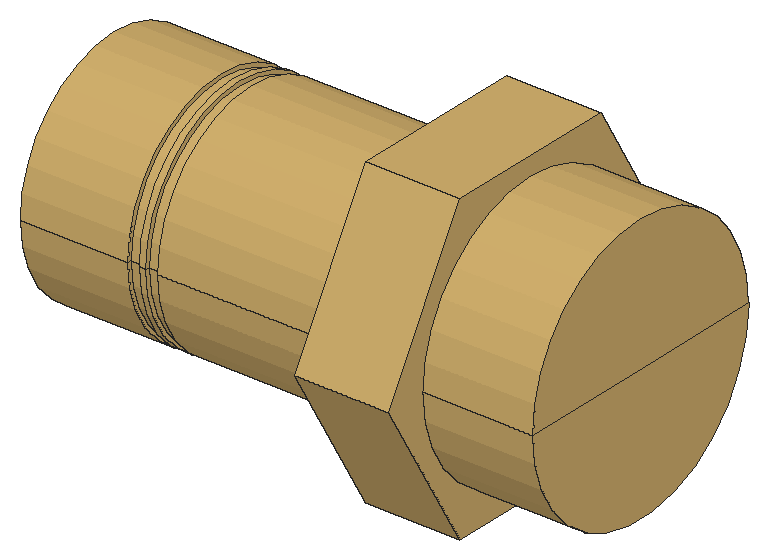
Revit family "1", category Pipe Fittings, Revit 2018
Family settings
  Round Connector Dimension = Use Diameter
  Part Type = Transition
  OmniClass Number = 23.27.43.00
  OmniClass Title = Pipe Fittings
  Work Plane-Based = No
  Always vertical = Yes
  Cut with Voids When Loaded = No
  Shared = No
Parameters (values of type "90628")
  ch [instance] = L - L1 - A  # 20.00 mm
  c [instance] = if(and(Nominal Diameter 01 = 25.00 mm, Nominal Diameter 02 = 25.40 mm), L, if(and(Nominal Diameter 01 = 25.40 mm, Nominal Diameter 02 = 25.00 mm), L - L1R - ch, if(and(Nominal Diameter 01 = 32.00 mm, Nominal Diameter 02 = 38.10 mm), L, if(and(Nominal Diameter 01 = 38.10 mm, Nominal Diameter 02 = 32.00 mm), L - L1R - ch, if(and(Nominal Diameter 01 = 50.00 mm, Nominal Diameter 02 = 50.80 mm), L, if(and(Nominal Diameter 01 = 50.80 mm, Nominal Diameter 02 = 50.00 mm), L - L1R - ch, if(and(Nominal Diameter 01 = 63.00 mm, Nominal Diameter 02 = 63.50 mm), L, if(and(Nominal Diameter 01 = 63.50 mm, Nominal Diameter 02 = 63.00 mm), L - L1R - ch, if(Nominal Diameter 01 > Nominal Diameter 02, L, L - L1R - ch)))))))))  # 112.00 mm
  b [instance] = if(and(Nominal Diameter 01 = 25.00 mm, Nominal Diameter 02 = 25.40 mm), L - L1R, if(and(Nominal Diameter 01 = 25.40 mm, Nominal Diameter 02 = 25.00 mm), 0.00 mm, if(and(Nominal Diameter 01 = 32.00 mm, Nominal Diameter 02 = 38.10 mm), L - L1R, if(and(Nominal Diameter 01 = 38.10 mm, Nominal Diameter 02 = 32.00 mm), 0.00 mm, if(and(Nominal Diameter 01 = 50.00 mm, Nominal Diameter 02 = 50.80 mm), L - L1R, if(and(Nominal Diameter 01 = 50.80 mm, Nominal Diameter 02 = 50.00 mm), 0.00 mm, if(and(Nominal Diameter 01 = 63.00 mm, Nominal Diameter 02 = 63.50 mm), L - L1R, if(and(Nominal Diameter 01 = 63.50 mm, Nominal Diameter 02 = 63.00 mm), 0.00 mm, if(Nominal Diameter 01 > Nominal Diameter 02, L - L1R, 0.00 mm)))))))))  # 88.50 mm
  a1 [instance] = if(and(Nominal Diameter 01 = 25.00 mm, Nominal Diameter 02 = 25.40 mm), a, if(and(Nominal Diameter 01 = 25.40 mm, Nominal Diameter 02 = 25.00 mm), L1 - a - 6.40 mm, if(and(Nominal Diameter 01 = 32.00 mm, Nominal Diameter 02 = 38.10 mm), a, if(and(Nominal Diameter 01 = 38.10 mm, Nominal Diameter 02 = 32.00 mm), L1 - a - 6.40 mm, if(and(Nominal Diameter 01 = 50.00 mm, Nominal Diameter 02 = 50.80 mm), a, if(and(Nominal Diameter 01 = 50.80 mm, Nominal Diameter 02 = 50.00 mm), L1 - a - 6.40 mm, if(and(Nominal Diameter 01 = 63.00 mm, Nominal Diameter 02 = 63.50 mm), a, if(and(Nominal Diameter 01 = 63.50 mm, Nominal Diameter 02 = 63.00 mm), L1 - a - 6.40 mm, if(Nominal Diameter 01 > Nominal Diameter 02, a, L1 - a - 6.40 mm)))))))))  # 22.833 mm
  a [instance] = L1 / 3  # 22.833 mm
  Tick Size 02 [instance] = Nominal Diameter 02 * 0.4  # 20.32 mm
  QR code = "https://www.bimobject.com/aignep/product/male-reducer-nptf-90628"
  Product url = "https://www.aignep.com/eng/Pipe-fittings-INFINITY/Air-Pipeline-INFINITY-Series/MALE-REDUCER-NPTF"
  Product name = "Male Reducer Nptf - 90628"
  Product group = "Fittings"
  Product family = "INFINITY"
  Product certification = "https://www.aignep.com/eng/Certificazioni/FREE-OF-SILICON"
  Product SKU = "Male-Reducer-Nptf-90628"
  Product Material = AIGNEP - Brass - Yellow
  Product Guid = "5ee64b42-f6dd-49c7-935e-5b77f10bfed4"
  OmniClass Description = "Pipe Fittings"
  OmniClass Code = "23-27 43 00"
  Nominal Diameter 02 [instance] = 50.8 mm
  Nominal Diameter 01 [instance] = 50 mm
  Material main = "Brass"
  Manufacturer name = "Aignep Spa"
  Manufacturer country = "Italy"
  Lr [instance] = if(and(Nominal Diameter 01 = 25.00 mm, Nominal Diameter 02 = 25.40 mm), L1R + ch, if(and(Nominal Diameter 01 = 25.40 mm, Nominal Diameter 02 = 25.00 mm), 0.00 mm, if(and(Nominal Diameter 01 = 32.00 mm, Nominal Diameter 02 = 38.10 mm), L1R + ch, if(and(Nominal Diameter 01 = 38.10 mm, Nominal Diameter 02 = 32.00 mm), 0.00 mm, if(and(Nominal Diameter 01 = 50.00 mm, Nominal Diameter 02 = 50.80 mm), L1R + ch, if(and(Nominal Diameter 01 = 50.80 mm, Nominal Diameter 02 = 50.00 mm), 0.00 mm, if(and(Nominal Diameter 01 = 63.00 mm, Nominal Diameter 02 = 63.50 mm), L1R + ch, if(and(Nominal Diameter 01 = 63.50 mm, Nominal Diameter 02 = 63.00 mm), 0.00 mm, if(Nominal Diameter 01 > Nominal Diameter 02, L1R + ch, 0.00 mm)))))))))  # 43.50 mm
  L1R [instance] = if(and(Nominal Diameter 01 = 25.00 mm, Nominal Diameter 02 = 25.40 mm), A, if(and(Nominal Diameter 01 = 25.40 mm, Nominal Diameter 02 = 25.00 mm), L - A - ch, if(and(Nominal Diameter 01 = 32.00 mm, Nominal Diameter 02 = 38.10 mm), A, if(and(Nominal Diameter 01 = 38.10 mm, Nominal Diameter 02 = 32.00 mm), L - A - ch, if(and(Nominal Diameter 01 = 50.00 mm, Nominal Diameter 02 = 50.80 mm), A, if(and(Nominal Diameter 01 = 50.80 mm, Nominal Diameter 02 = 50.00 mm), L - A - ch, if(and(Nominal Diameter 01 = 63.00 mm, Nominal Diameter 02 = 63.50 mm), A, if(and(Nominal Diameter 01 = 63.50 mm, Nominal Diameter 02 = 63.00 mm), L - A - ch, if(Nominal Diameter 01 > Nominal Diameter 02, A, L - A - ch)))))))))  # 23.50 mm
  L1L [instance] = if(and(Nominal Diameter 01 = 25.00 mm, Nominal Diameter 02 = 25.40 mm), L1 - A - ch, if(and(Nominal Diameter 01 = 25.40 mm, Nominal Diameter 02 = 25.00 mm), 0.00 mm, if(and(Nominal Diameter 01 = 32.00 mm, Nominal Diameter 02 = 38.10 mm), L1 - A - ch, if(and(Nominal Diameter 01 = 38.10 mm, Nominal Diameter 02 = 32.00 mm), 0.00 mm, if(and(Nominal Diameter 01 = 50.00 mm, Nominal Diameter 02 = 50.80 mm), L1 - A - ch, if(and(Nominal Diameter 01 = 50.80 mm, Nominal Diameter 02 = 50.00 mm), 0.00 mm, if(and(Nominal Diameter 01 = 63.00 mm, Nominal Diameter 02 = 63.50 mm), L1 - A - ch, if(and(Nominal Diameter 01 = 63.50 mm, Nominal Diameter 02 = 63.00 mm), 0.00 mm, if(Nominal Diameter 01 > Nominal Diameter 02, L1 - A - ch, 0.00 mm)))))))))  # 25.00 mm
  L1 [instance] = if(and(Nominal Diameter 01 = 25.00 mm, Nominal Diameter 02 = 25.40 mm), 42.00 mm, if(and(Nominal Diameter 01 = 25.40 mm, Nominal Diameter 02 = 25.00 mm), 42.00 mm, if(and(Nominal Diameter 01 = 32.00 mm, Nominal Diameter 02 = 38.10 mm), 52.00 mm, if(and(Nominal Diameter 01 = 38.10 mm, Nominal Diameter 02 = 32.00 mm), 52.00 mm, if(and(Nominal Diameter 01 = 50.00 mm, Nominal Diameter 02 = 50.80 mm), 68.50 mm, if(and(Nominal Diameter 01 = 50.80 mm, Nominal Diameter 02 = 50.00 mm), 68.50 mm, if(and(Nominal Diameter 01 = 63.00 mm, Nominal Diameter 02 = 63.50 mm), 82.00 mm, if(and(Nominal Diameter 01 = 63.50 mm, Nominal Diameter 02 = 63.00 mm), 82.00 mm, if(Nominal Diameter 01 > Nominal Diameter 02, size_lookup(Lookup Table Name, "L1", 0.00 mm, Nominal Diameter 01, Nominal Diameter 02), size_lookup(Lookup Table Name, "L1", 0.00 mm, Nominal Diameter 02, Nominal Diameter 01))))))))))  # 68.50 mm
  L [instance] = if(and(Nominal Diameter 01 = 25.00 mm, Nominal Diameter 02 = 25.40 mm), 73.50 mm, if(and(Nominal Diameter 01 = 25.40 mm, Nominal Diameter 02 = 25.00 mm), 73.50 mm, if(and(Nominal Diameter 01 = 32.00 mm, Nominal Diameter 02 = 38.10 mm), 89.50 mm, if(and(Nominal Diameter 01 = 38.10 mm, Nominal Diameter 02 = 32.00 mm), 89.50 mm, if(and(Nominal Diameter 01 = 50.00 mm, Nominal Diameter 02 = 50.80 mm), 112.00 mm, if(and(Nominal Diameter 01 = 50.80 mm, Nominal Diameter 02 = 50.00 mm), 112.00 mm, if(and(Nominal Diameter 01 = 63.00 mm, Nominal Diameter 02 = 63.50 mm), 139.00 mm, if(and(Nominal Diameter 01 = 63.50 mm, Nominal Diameter 02 = 63.00 mm), 139.00 mm, if(Nominal Diameter 01 > Nominal Diameter 02, size_lookup(Lookup Table Name, "L", 0.00 mm, Nominal Diameter 01, Nominal Diameter 02), size_lookup(Lookup Table Name, "L", 0.00 mm, Nominal Diameter 02, Nominal Diameter 01))))))))))  # 112.00 mm
  IFC Classification = "Pipe Fitting"
  Design country = "Italy"
  Description = "Male Reducer Nptf"
  URL = "https://www.aignep.com/"
  Tick Size 01 [instance] = Nominal Diameter 01 * 0.4  # 20.00 mm
  Product data url = "https://www.bimobject.com/aignep/product/male-reducer-nptf-90628"
  Model = "90628"
  Manufacturer = "Aignep Spa"
  Lookup Table Name = "Male Reducer Nptf - 90628"
  Keynote = "15410"
  Edition number = 1
  F [instance] = if(and(Nominal Diameter 01 = 25.00 mm, Nominal Diameter 02 = 25.40 mm), 25.40 mm, if(and(Nominal Diameter 01 = 25.40 mm, Nominal Diameter 02 = 25.00 mm), 25.40 mm, if(and(Nominal Diameter 01 = 32.00 mm, Nominal Diameter 02 = 38.10 mm), 38.10 mm, if(and(Nominal Diameter 01 = 38.10 mm, Nominal Diameter 02 = 32.00 mm), 38.10 mm, if(and(Nominal Diameter 01 = 50.00 mm, Nominal Diameter 02 = 50.80 mm), 50.80 mm, if(and(Nominal Diameter 01 = 50.80 mm, Nominal Diameter 02 = 50.00 mm), 50.80 mm, if(and(Nominal Diameter 01 = 63.00 mm, Nominal Diameter 02 = 63.50 mm), 63.50 mm, if(and(Nominal Diameter 01 = 63.50 mm, Nominal Diameter 02 = 63.00 mm), 63.50 mm, if(Nominal Diameter 01 > Nominal Diameter 02, size_lookup(Lookup Table Name, "F", 0.00 mm, Nominal Diameter 01, Nominal Diameter 02), size_lookup(Lookup Table Name, "F", 0.00 mm, Nominal Diameter 02, Nominal Diameter 01))))))))))  # 50.80 mm
  D [instance] = if(and(Nominal Diameter 01 = 25.00 mm, Nominal Diameter 02 = 25.40 mm), 25.00 mm, if(and(Nominal Diameter 01 = 25.40 mm, Nominal Diameter 02 = 25.00 mm), 25.00 mm, if(and(Nominal Diameter 01 = 32.00 mm, Nominal Diameter 02 = 38.10 mm), 32.00 mm, if(and(Nominal Diameter 01 = 38.10 mm, Nominal Diameter 02 = 32.00 mm), 32.00 mm, if(and(Nominal Diameter 01 = 50.00 mm, Nominal Diameter 02 = 50.80 mm), 50.00 mm, if(and(Nominal Diameter 01 = 50.80 mm, Nominal Diameter 02 = 50.00 mm), 50.00 mm, if(and(Nominal Diameter 01 = 63.00 mm, Nominal Diameter 02 = 63.50 mm), 63.00 mm, if(and(Nominal Diameter 01 = 63.50 mm, Nominal Diameter 02 = 63.00 mm), 63.00 mm, if(Nominal Diameter 01 > Nominal Diameter 02, size_lookup(Lookup Table Name, "D", 0.00 mm, Nominal Diameter 01, Nominal Diameter 02), size_lookup(Lookup Table Name, "D", 0.00 mm, Nominal Diameter 02, Nominal Diameter 01))))))))))  # 50.00 mm
  CH [instance] = if(and(Nominal Diameter 01 = 25.00 mm, Nominal Diameter 02 = 25.40 mm), 34.00 mm, if(and(Nominal Diameter 01 = 25.40 mm, Nominal Diameter 02 = 25.00 mm), 34.00 mm, if(and(Nominal Diameter 01 = 32.00 mm, Nominal Diameter 02 = 38.10 mm), 50.00 mm, if(and(Nominal Diameter 01 = 38.10 mm, Nominal Diameter 02 = 32.00 mm), 50.00 mm, if(and(Nominal Diameter 01 = 50.00 mm, Nominal Diameter 02 = 50.80 mm), 65.00 mm, if(and(Nominal Diameter 01 = 50.80 mm, Nominal Diameter 02 = 50.00 mm), 65.00 mm, if(and(Nominal Diameter 01 = 63.00 mm, Nominal Diameter 02 = 63.50 mm), 75.00 mm, if(and(Nominal Diameter 01 = 63.50 mm, Nominal Diameter 02 = 63.00 mm), 75.00 mm, if(Nominal Diameter 01 > Nominal Diameter 02, size_lookup(Lookup Table Name, "CH", 0.00 mm, Nominal Diameter 01, Nominal Diameter 02), size_lookup(Lookup Table Name, "CH", 0.00 mm, Nominal Diameter 02, Nominal Diameter 01))))))))))  # 65.00 mm
  BIMobject category = "Joints"
  A2 [instance] = if(and(Nominal Diameter 01 = 25.00 mm, Nominal Diameter 02 = 25.40 mm), L1, if(and(Nominal Diameter 01 = 25.40 mm, Nominal Diameter 02 = 25.00 mm), A, if(and(Nominal Diameter 01 = 32.00 mm, Nominal Diameter 02 = 38.10 mm), L1, if(and(Nominal Diameter 01 = 38.10 mm, Nominal Diameter 02 = 32.00 mm), A, if(and(Nominal Diameter 01 = 50.00 mm, Nominal Diameter 02 = 50.80 mm), L1, if(and(Nominal Diameter 01 = 50.80 mm, Nominal Diameter 02 = 50.00 mm), A, if(and(Nominal Diameter 01 = 63.00 mm, Nominal Diameter 02 = 63.50 mm), L1, if(and(Nominal Diameter 01 = 63.50 mm, Nominal Diameter 02 = 63.00 mm), A, if(Nominal Diameter 01 > Nominal Diameter 02, L1, A)))))))))  # 68.50 mm
  A1 [instance] = if(and(Nominal Diameter 01 = 25.00 mm, Nominal Diameter 02 = 25.40 mm), A, if(and(Nominal Diameter 01 = 25.40 mm, Nominal Diameter 02 = 25.00 mm), L1, if(and(Nominal Diameter 01 = 32.00 mm, Nominal Diameter 02 = 38.10 mm), A, if(and(Nominal Diameter 01 = 38.10 mm, Nominal Diameter 02 = 32.00 mm), L1, if(and(Nominal Diameter 01 = 50.00 mm, Nominal Diameter 02 = 50.80 mm), A, if(and(Nominal Diameter 01 = 50.80 mm, Nominal Diameter 02 = 50.00 mm), L1, if(and(Nominal Diameter 01 = 63.00 mm, Nominal Diameter 02 = 63.50 mm), A, if(and(Nominal Diameter 01 = 63.50 mm, Nominal Diameter 02 = 63.00 mm), L1, if(Nominal Diameter 01 > Nominal Diameter 02, A, L1)))))))))  # 23.50 mm
  A [instance] = if(and(Nominal Diameter 01 = 25.00 mm, Nominal Diameter 02 = 25.40 mm), 21.50 mm, if(and(Nominal Diameter 01 = 25.40 mm, Nominal Diameter 02 = 25.00 mm), 21.50 mm, if(and(Nominal Diameter 01 = 32.00 mm, Nominal Diameter 02 = 38.10 mm), 23.00 mm, if(and(Nominal Diameter 01 = 38.10 mm, Nominal Diameter 02 = 32.00 mm), 23.00 mm, if(and(Nominal Diameter 01 = 50.00 mm, Nominal Diameter 02 = 50.80 mm), 23.50 mm, if(and(Nominal Diameter 01 = 50.80 mm, Nominal Diameter 02 = 50.00 mm), 23.50 mm, if(and(Nominal Diameter 01 = 63.00 mm, Nominal Diameter 02 = 63.50 mm), 35.00 mm, if(and(Nominal Diameter 01 = 63.50 mm, Nominal Diameter 02 = 63.00 mm), 35.00 mm, if(Nominal Diameter 01 > Nominal Diameter 02, size_lookup(Lookup Table Name, "A", 0.00 mm, Nominal Diameter 01, Nominal Diameter 02), size_lookup(Lookup Table Name, "A", 0.00 mm, Nominal Diameter 02, Nominal Diameter 01))))))))))  # 23.50 mm
  Assembly Code = "D2040100"
  Article Code [instance] = if(and(Nominal Diameter 01 = 25.00 mm, Nominal Diameter 02 = 25.40 mm), "90628 00 01 DL NT", if(and(Nominal Diameter 01 = 25.40 mm, Nominal Diameter 02 = 25.00 mm), "90628 00 01 DL NT", if(and(Nominal Diameter 01 = 32.00 mm, Nominal Diameter 02 = 38.10 mm), "90628 00 01 F7 NT", if(and(Nominal Diameter 01 = 38.10 mm, Nominal Diameter 02 = 32.00 mm), "90628 00 01 F7 NT", if(and(Nominal Diameter 01 = 50.00 mm, Nominal Diameter 02 = 50.80 mm), "90628 00 01 G5 NT", if(and(Nominal Diameter 01 = 50.80 mm, Nominal Diameter 02 = 50.00 mm), "90628 00 01 G5 NT", if(and(Nominal Diameter 01 = 63.00 mm, Nominal Diameter 02 = 63.50 mm), "90628 00 01 58 NT", if(and(Nominal Diameter 01 = 63.50 mm, Nominal Diameter 02 = 63.00 mm), "90628 00 01 58 NT", if(Nominal Diameter 01 > Nominal Diameter 02, size_lookup(Lookup Table Name, "", "", Nominal Diameter 01, Nominal Diameter 02), size_lookup(Lookup Table Name, "", "", Nominal Diameter 02, Nominal Diameter 01))))))))))  # "90628 00 01 G5 NT"
Reference planes
  plane 1 "Center (Front/Back)": y = 0
  plane 2: z = 0
  plane 3 "Center (Left/Right)": x = 0
  plane 4: y = 25.4
  plane 5: y = -25.4
  plane 6: y = 25
  plane 7: y = -25
  plane 8: x = 112
  plane 9: x = 88.5
  plane 10: x = 88.5
  plane 11: x = 68.5
  plane 12: z = 32.5
  plane 13: z = -32.5
  plane 14: z = 15
  plane 15: z = -15
  plane 16: x = 68.5
Forms (mm)
  Extrusion 1, solid, material "AIGNEP - Brass - Yellow" <- "Product Material", detail levels fine
    sketch origin (-32.5, 55.314, 1200) x (0, 1, 0) y (0, 0, 1)
      loop
        line (-74.078, -1232.5) -> (-36.55, -1232.5) -> (-17.786, -1200) -> (-36.55, -1167.5) -> (-74.078, -1167.5) -> (-92.842, -1200) -> (-74.078, -1232.5)
    from 101 to 121
  Revolve 2, solid, material "AIGNEP - Brass - Yellow" <- "Product Material", detail levels fine
    sketch origin (0, 0, 0) x (1, 0, 0) y (0, 1, 0)
      loop
        line (0, 0) -> (68.5, 0) -> (68.5, 25) -> (29.233, 25) -> (29.233, 24.18) -> (26.733, 24.18) -> (26.733, 25) -> (25.333, 25) -> (25.333, 24.18) -> (22.833, 24.18) -> (22.833, 25) -> (0, 25) -> (0, 0)
      axis (68.5, 0) -> (0, 0)
    angle from 0 to 360
  Extrusion 3, solid, not visible
    sketch origin (-32.5, 55.314, 1200) x (0, 1, 0) y (0, 0, 1)
      loop
        circle (-55.314, -1200) r 5
    from 101 to 121
  Revolve 4, solid, material "AIGNEP - Brass - Yellow" <- "Product Material", detail levels fine
    sketch origin (0, 0, 0) x (1, 0, 0) y (0, 1, 0)
      loop
        line (88.5, 0) -> (112, 0) -> (112, 28.693) -> (88.5, 28.693) -> (88.5, 0)
      axis (88.5, 0) -> (112, 0)
    angle from 0 to 360
Lines and regions (mm)
  model lines, detail levels coarse+medium
    curve 1: line (68.5, 20, 0) -> (68.5, -20, 0)
    curve 2: line (88.5, 20.32, 0) -> (88.5, -20.32, 0)
    curve 3: line (68.5, 0, 0) -> (88.5, 0, 0)
Dimensions and locks
  equal spacing: plane 5, plane 1 "Center (Front/Back)", plane 4
  "F": plane 4 to plane 5
  equal spacing: plane 7, plane 1 "Center (Front/Back)", plane 6
  "D": plane 7 to plane 6
  "A1": plane 9 to plane 8
  "ch": plane 11 to plane 10
  equal spacing: plane 12, level, plane 13
  "CH": plane 12 to plane 13
  equal spacing: plane 14, level, plane 15
  plane 14 to plane 15 = 30.00 mm
  "A2": plane 3 "Center (Left/Right)" to plane 16
  equal spacing: curve 1, plane 1 "Center (Front/Back)", curve 1
  "Tick Size 01": plane 1 "Center (Front/Back)" to curve 1
  equal spacing: curve 2, plane 1 "Center (Front/Back)", curve 2
  "Tick Size 02": plane 1 "Center (Front/Back)" to curve 2
  equal spacing: Extrusion 1 sketch curve, plane 1 "Center (Front/Back)", Extrusion 1 sketch curve  (x2)
  "CH": Extrusion 1 sketch curve to Extrusion 1 sketch curve  (x2)
  "L1R": plane 10 to plane 8
  Revolve 2 sketch curve to Revolve 2 sketch curve to Revolve 2 sketch curve to Revolve 2 sketch curve = 2.50 mm locked, 1.40 mm locked, 2.50 mm locked
  Revolve 2 sketch curve to Revolve 2 sketch curve to Revolve 2 sketch curve = 0.00 mm locked, 0.82 mm locked
  "L1": Revolve 2 sketch curve to Revolve 2 sketch curve
  "Lr": Revolve 2 sketch curve to plane 8
  "L": plane 3 "Center (Left/Right)" to plane 8
  "b": plane 3 "Center (Left/Right)" to Revolve 4 sketch curve
  "c": plane 3 "Center (Left/Right)" to Revolve 4 sketch curve
  locked: Revolve 4 sketch curve to plane 4 at 3.293
  "a1": Revolve 2 sketch curve to Revolve 2 sketch curve
  locked: plane 2 to Extrusion 1 sketch curve (angle 60.00°)
  locked: Extrusion 1 sketch curve to plane 2 (angle 60.00°)
  aligned and locked: level to plane 2
  aligned and locked: Extrusion 1 sketch curve to plane 12
  aligned and locked: plane 13 to Extrusion 1 sketch curve
  aligned and locked: Extrusion 1 to plane 10
  aligned and locked: Extrusion 1 to plane 11
  aligned and locked: plane 16 to Extrusion 3
  aligned and locked: plane 9 to Extrusion 3
  aligned and locked: curve 1 to plane 16
  aligned and locked: curve 2 to plane 9
  aligned and locked: curve 3 to plane 16
  aligned and locked: plane 9 to curve 3
  aligned and locked: plane 1 "Center (Front/Back)" to curve 3
  aligned and locked: plane 6 to Revolve 2 sketch curve  (x3)
  aligned and locked: Revolve 2 sketch curve to plane 1 "Center (Front/Back)"
Automatic sketch dimensions
  Extrusion 3 sketch curve to level = 0.00 mm
  Extrusion 3 sketch curve to plane 1 "Center (Front/Back)" = 0.00 mm
  Revolve 2 sketch curve to plane 3 "Center (Left/Right)" = 0.00 mm
  plane 1 "Center (Front/Back)" to Revolve 2 sketch curve = 0.00 mm
  Revolve 2 sketch curve to Revolve 2 sketch curve = 8.847 mm
  plane 1 "Center (Front/Back)" to Revolve 4 sketch curve = 0.00 mm  (x2)
  Revolve 4 sketch curve to plane 8 = 2.00 mm
  Revolve 4 sketch curve to plane 8 = 0.50 mm
  radius of Extrusion 3 sketch curve = 5.00 mm
Connectors
  piping at (68.5, 0, 0), diameter 50, driven by "Nominal Diameter 01"
    settings: on Extrusion 3, index 1, connector inside diameter 609.6 mm, connector length 0.00 mm, flow factor 0, pipe flow 0.0 L/s, pressure drop 0.0 Pa, fitting loss kfactor 0, connector angle 0.00°, fixture units 0, engagement length 0.00 mm, angle of deflection 0.00°, flow configuration 0, flow direction 0, fitting loss method 0, system type 28, joint type 0, gender type 0, connector reference index 2, connector utility 0, adjustable connector no, is connector primary yes, connector description ""
  piping at (88.5, 0, 0), diameter 50.8, driven by "Nominal Diameter 02"
    settings: on Extrusion 3, index 2, connector inside diameter 609.6 mm, connector length 0.00 mm, flow factor 0, pipe flow 0.0 L/s, pressure drop 0.0 Pa, fitting loss kfactor 0, connector angle 0.00°, fixture units 0, engagement length 0.00 mm, angle of deflection 0.00°, flow configuration 0, flow direction 0, fitting loss method 0, system type 28, joint type 0, gender type 0, connector reference index 1, connector utility 0, adjustable connector no, is connector primary no, connector description ""
